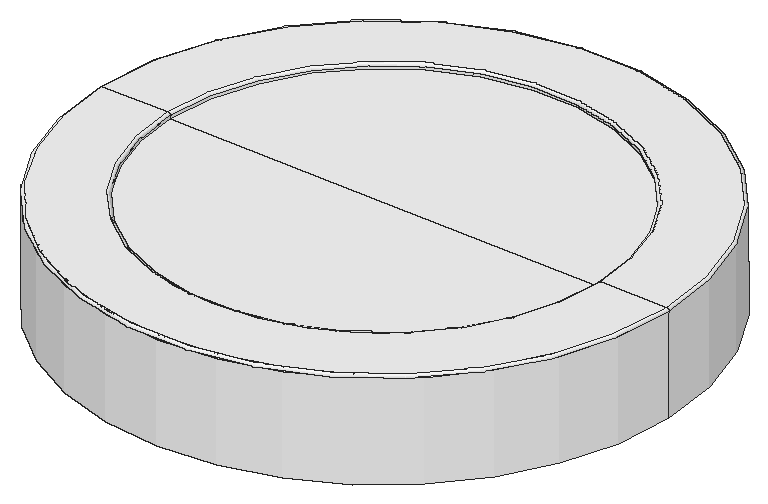
Revit family "0053322 Feilo Sylvania Lighting Fixture SYLFLAT SURFACE DIM 1600 R 4000K", category Lighting Fixtures, host Face, Revit 2016
Family settings
  Host = Face
  Part Type = Normal
  Round Connector Dimension = Use Diameter
  OmniClass Number = 23.80.70.00
  OmniClass Title = Lighting
  Cut with Voids When Loaded = No
  Light Source = Yes
  Shared = No
  Room Calculation Point = No
Parameters (values of type "0053322 SYLFLAT SURFACE DIM 1600 R 4000K")
  Width_FEILO = 226 mm
  WidthDiffuser_FEILO = if(Square_FEILO, 168 mm, Width_FEILO / 1.3294)  # 170 mm
  Weight = "6.59 kg"
  Wattage Comments = ""
  Wattage = 18 W
  WarrantyStartDate [instance] = "n/a"
  WarrantyGuarantorParts = "n/a"
  WarrantyDurationUnit = "n/a"
  WarrantyDurationParts = "n/a"
  WarrantyDescription = "n/a"
  built-in parameter 1150110 = 1 (stored number, unit not read)
  Voltage = 230 V
  URL = "http://www.feilosylvania.com"
  TypeName = "SYLFLAT SURFACE DIM 1600 R 4000K"
  Type Image = <None>
  Type Comments = "n/a"
  built-in parameter 1114217 = 1 (stored number, unit not read)
  Tilt Angle = -90.00°
  built-in parameter 1150109 = 1 (stored number, unit not read)
  built-in parameter 1150134 = 12
  built-in parameter 1150113 = 1 (stored number, unit not read)
  Square_FEILO = no
  SerialNumber [instance] = "n/a"
  Round_FEILO = not(Square_FEILO)  # yes
  RadiusSquare_FEILO = 10 mm
  RadiusDiffuser_FEILO = 7 mm
  Photometric Web File = "0053322.ies"
  Material_3_FEILO = none
  PowerFactor = 0.9
  PowerConsumption = "18 W"
  NominalLength = 226 mm
  NominalHeight = 39 mm
  NominalDepth = 226 mm
  Name = "SYLFLAT SURFACE DIM 1600 R 4000K"
  ModelReference = Name  # "SYLFLAT SURFACE DIM 1600 R 4000K"
  ModelNumber = "0053322"
  Model = Name  # "SYLFLAT SURFACE DIM 1600 R 4000K"
  Material = "aluminium housing, polystyrene diffuser"
  ManufacturerName = "Feilo Sylvania"
  Manufacturer = "Feilo Sylvania"
  LuminousEfficacy = "99.44 lm/W"
  built-in parameter 1150105 = 639.57 (stored number, unit not read)
  Lumens = 1789.92 lm
  LuminaireType = ""
  built-in parameter 1150115 = 1 (stored number, unit not read)
  LightOutputRatio = "n/a"
  built-in parameter 1150137 = (empty or 0)
  built-in parameter 1150139 = (empty or 0)
  LampsType = Lamp  # "LED"
  LampNominalLuminous = "1600 lm"
  LampMacAdamStep = "n/a"
  LampColourTemperature = "4000 K"
  LampColourRenderingIndex = "80"
  built-in parameter 1150112 = 1 (stored number, unit not read)
  built-in parameter 1150114 = 1 (stored number, unit not read)
  Lamp = "LED"
  Keynote = "16500"
  InstallationDate [instance] = "n/a"
  InputVoltage = "220-240V~"
  InputNominalFrequency = "50/60 Hz"
  built-in parameter 1150132 = (empty or 0)
  built-in parameter 1150102 = (empty or 0)
  built-in parameter 1150107 = 4000 (stored number, unit not read)
  built-in parameter 1150138 = (empty or 0)
  IngressProtection = "IP20"
  ImpactProtectionIndex = "IK06"
  built-in parameter 1150106 = 6.3957 (stored number, unit not read)
  IfcExportType = "IfcLightFixtureType"
  IfcExportAs = "IfcLightFixtureType"
  ExpectedLife = 50000
  Emit from Circle Diameter = WidthDiffuser_FEILO  # 170 mm
  Emit Shape Visible in Rendering = no
  ElectricShockClassification = "Class II"
  built-in parameter 1150104 = 9.2383 (stored number, unit not read)
  DurationUnit = "hours"
  DocumentationLiterature = "http://www.feilosylvania.com/product/en-int/products/0053322"
  DimmingControlOptions = "Dimmable"
  Material_2_FEILO = LED-Sylvania-SylflatSurface
  Dimming Lamp Color Temperature Shift = <None>
  Description = "Integrated LED surface mounted downlight providing 1790 fixture lumens at a wattage of 18W giving a high efficacy of 99lm/W. Fitting includes Leading/Trailing edge phase dimmable driver and has a round outer dimmension of of 226x226x39mm with an IP20 and IK02 rating providing uniform distribution with an Opal diffuser and 110° beam angle. Provided including a Loop in Loop out box and built with a white aluminium housing."
  Default Elevation = 1219.2 mm
  CreatedOn = "2/15/2018"
  CreatedBy = "aron.fodor@feilosylvania.com"
  Cost = 0
  Color Filter = 16777215
  built-in parameter 1114216 [instance] = (empty or 0)
  ClassificationValue = "EF_70_80"
  ClassificationName = "Uniclass2015"
  Material_1_FEILO = Body-Sylvania-SylflatSurface-White
  BarCode [instance] = "n/a"
  built-in parameter 1114218 = 1 (stored number, unit not read)
  built-in parameter 1150133 = 10 (stored number, unit not read)
  AssetType = "Fixed"
  AssetIdentifier [instance] = "n/a"
  Assembly Code = "D5020200"
  Apparent Load = 18 VA
  Material_4_FEILO = none
Reference planes
  plane 1 "Center (Front/Back)": y = 0
  plane 2: z = 0
  plane 3 "Center (Left/Right)": x = 0
  plane 4: x = 113
  plane 5: x = -113
  plane 6: y = 113
  plane 7: y = -113
  plane 8: x = -103
  plane 9: y = 103
  plane 10: x = 103
  plane 11: y = -103
  plane 12: y = 85
  plane 13: y = -85
  plane 14: x = 85
  plane 15: x = -85
  plane 16: x = -78
  plane 17: y = 78
  plane 18: x = 78
  plane 19: y = -78
  plane 20: z = 39
  plane 21: x = -112
  plane 22: z = 38
  plane 23: z = 37
  plane 24: x = -86
Forms (mm)
  Revolve 1, solid, material "Body-Sylvania-SylflatSurface-White" <- "Material_1_FEILO", visible <- "Round_FEILO"
    sketch origin (0, 0, 0) x (1, 0, 0) y (0, 0, 1)
      loop
        line (0, 0) -> (0, 37) -> (-85, 37) -> (-85, 38)
        arc (-85, 38) -> (-85.293, 38.707) -> (-86, 39) r 1
        line (-86, 39) -> (-112, 39)
        arc (-112, 39) -> (-112.707, 38.707) -> (-113, 38) r 1
        line (-113, 38) -> (-113, 0) -> (0, 0)
      axis (0, 39) -> (0, 0)
    angle from 360 to 0
  Extrusion 2, solid, material "Body-Sylvania-SylflatSurface-White" <- "Material_1_FEILO", visible <- "Square_FEILO"
    sketch origin (0, 0, 0) x (1, 0, 0) y (0, 1, 0)
      loop
        arc (-113, -103) -> (-110.071, -110.071) -> (-103, -113) r 10
        line (-103, -113) -> (103, -113)
        arc (103, -113) -> (110.071, -110.071) -> (113, -103) r 10
        line (113, -103) -> (113, 103)
        arc (113, 103) -> (110.071, 110.071) -> (103, 113) r 10
        line (103, 113) -> (-103, 113)
        arc (-103, 113) -> (-110.071, 110.071) -> (-113, 103) r 10
        line (-113, 103) -> (-113, -103)
      loop
        arc (-78, 85) -> (-82.95, 82.95) -> (-85, 78) r 7
        line (-85, 78) -> (-85, -78)
        arc (-85, -78) -> (-82.95, -82.95) -> (-78, -85) r 7
        line (-78, -85) -> (78, -85)
        arc (78, -85) -> (82.95, -82.95) -> (85, -78) r 7
        line (85, -78) -> (85, 78)
        arc (85, 78) -> (82.95, 82.95) -> (78, 85) r 7
        line (78, 85) -> (-78, 85)
    from 0 to 39
  Extrusion 3, solid, material "Body-Sylvania-SylflatSurface-White" <- "Material_1_FEILO", visible <- "Square_FEILO"
    sketch origin (0, 0, 0) x (1, 0, 0) y (0, 1, 0)
      loop
        arc (-78, 85) -> (-82.95, 82.95) -> (-85, 78) r 7
        line (-85, 78) -> (-85, -78)
        arc (-85, -78) -> (-82.95, -82.95) -> (-78, -85) r 7
        line (-78, -85) -> (78, -85)
        arc (78, -85) -> (82.95, -82.95) -> (85, -78) r 7
        line (85, -78) -> (85, 78)
        arc (85, 78) -> (82.95, 82.95) -> (78, 85) r 7
        line (78, 85) -> (-78, 85)
    from 0 to 37
Cuts and joins
  joined: Extrusion 2, Extrusion 3
Dimensions and locks
  equal spacing: plane 5, plane 3 "Center (Left/Right)", plane 4
  equal spacing: plane 7, plane 1 "Center (Front/Back)", plane 6
  "Width_FEILO": plane 7 to plane 6
  "Width_FEILO": plane 5 to plane 4
  equal spacing: plane 11, plane 1 "Center (Front/Back)", plane 9
  "RadiusSquare_FEILO": plane 9 to plane 6
  equal spacing: plane 8, plane 3 "Center (Left/Right)", plane 10
  "RadiusSquare_FEILO": plane 5 to plane 8
  equal spacing: plane 15, plane 3 "Center (Left/Right)", plane 14
  equal spacing: plane 13, plane 1 "Center (Front/Back)", plane 12
  "WidthDiffuser_FEILO": plane 13 to plane 12
  "WidthDiffuser_FEILO": plane 15 to plane 14
  equal spacing: plane 16, plane 3 "Center (Left/Right)", plane 18
  equal spacing: plane 19, plane 1 "Center (Front/Back)", plane 17
  "RadiusDiffuser_FEILO": plane 17 to plane 12
  "RadiusDiffuser_FEILO": plane 15 to plane 16
  locked: plane 20 to plane 2 at 39
  locked: plane 20 to plane 22 at 1
  locked: plane 21 to plane 5 at 1
  locked: plane 20 to plane 23 at 2
  locked: plane 15 to plane 24 at 1
  aligned and locked: plane 2 to host face
  aligned and locked: level to host face
  aligned and locked: Revolve 1 sketch curve to plane 3 "Center (Left/Right)"
  aligned and locked: Revolve 1 sketch curve to Revolve 1 sketch curve
  aligned and locked: Revolve 1 sketch curve to plane 20
  aligned and locked: Revolve 1 sketch curve to plane 5
  aligned and locked: Revolve 1 sketch curve to level
  aligned and locked: plane 23 to Revolve 1 sketch curve
  aligned and locked: plane 21 to Revolve 1 sketch curve
  aligned and locked: plane 20 to Revolve 1 sketch curve
  aligned and locked: plane 22 to Revolve 1 sketch curve  (x2)
  aligned and locked: plane 15 to Revolve 1 sketch curve
  aligned and locked: plane 24 to Revolve 1 sketch curve
  aligned and locked: plane 11 to Extrusion 2 sketch curve  (x3)
  aligned and locked: plane 5 to Extrusion 2 sketch curve  (x2)
  aligned and locked: plane 8 to Extrusion 2 sketch curve  (x4)
  aligned and locked: plane 7 to Extrusion 2 sketch curve
  aligned and locked: plane 4 to Extrusion 2 sketch curve  (x2)
  aligned and locked: plane 10 to Extrusion 2 sketch curve  (x4)
  aligned and locked: Extrusion 2 sketch curve to plane 6
  aligned and locked: plane 9 to Extrusion 2 sketch curve  (x3)
  aligned and locked: Extrusion 2 to level
  aligned and locked: Extrusion 2 to plane 20
  aligned and locked: plane 16 to Extrusion 2 sketch curve  (x3)
  aligned and locked: plane 12 to Extrusion 2 sketch curve  (x2)
  aligned and locked: plane 14 to Extrusion 2 sketch curve
  aligned and locked: plane 15 to Extrusion 2 sketch curve
  aligned and locked: plane 18 to Extrusion 2 sketch curve  (x4)
  aligned and locked: plane 17 to Extrusion 2 sketch curve  (x4)
  aligned and locked: plane 19 to Extrusion 2 sketch curve  (x4)
  aligned and locked: plane 13 to Extrusion 2 sketch curve
  aligned and locked: Extrusion 3 sketch curve to Extrusion 2  (x4)
  aligned and locked: Extrusion 3 to level
  aligned and locked: Extrusion 3 to plane 23
  aligned and locked: plane 3 "Center (Left/Right)" to imposter light
  aligned and locked: imposter light to plane 1 "Center (Front/Back)"
  aligned and locked: imposter light to plane 23
Automatic sketch dimensions
  host sketch curve to host sketch curve = 2438.4 mm  (x2)
  Revolve 1 sketch curve to plane 3 "Center (Left/Right)" = 0 mm
  Revolve 1 sketch curve to level = 609.6 mm
  Revolve 1 sketch curve to plane 20 = 2570.058 mm
Connectors
  electrical at (0, 0, 0), driven by "Apparent Load", driven by "PowerFactor", driven by "Voltage"
    settings: index 1, voltage 230 V, apparent load 18 VA, apparent load phase1 0 VA, apparent load phase2 0 VA, apparent load phase3 0 VA, power factor 0.9, load classification "Lighting", number of poles 1, system type 30, power factor state 1, is connector primary yes, connector utility no, sub classification motor no, connector description ""
